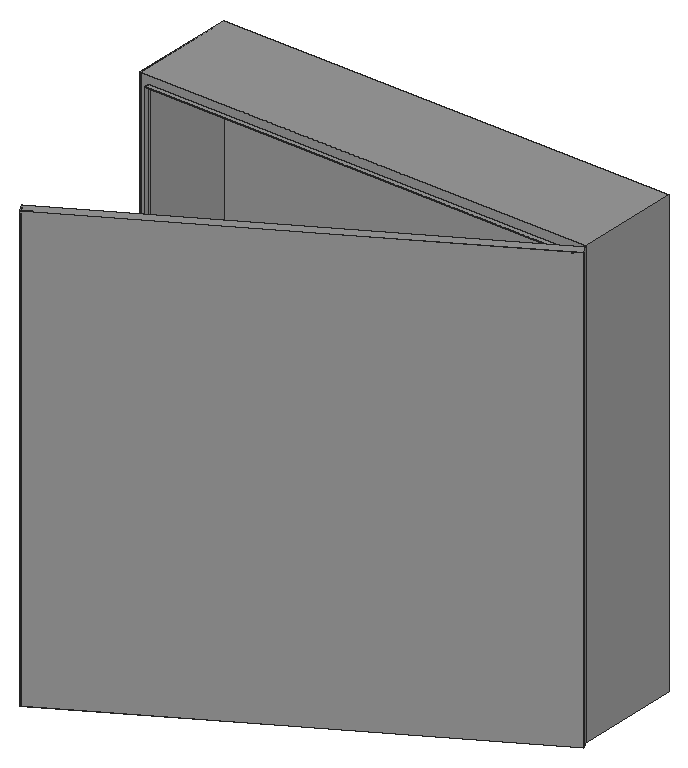
Revit family "Hager-Univers-IP44-D205-H800-Cl.II-Encl-NoHosted-BE-en", category Equipement électrique, Revit 2020
Family settings
  Configuration du panneau = Deux colonnes, circuits au sein
  Cote de connecteur circulaire = Utiliser le diamètre
  Type d'élément = Tableau de raccordement
  Basée sur le plan de construction = Oui
  Toujours verticalement = Oui
  Couper avec des vides une fois chargée = Non
  Partagée = Non
  Point de calcul de pièce = Non
Parameters (values of type "Surface mounted (plaster) IP44 W800 H800 D205  - FP53QS")
  Width Control [instance] = if([EF000008 - Width] > Min Width, [EF000008 - Width], Min Width)  # 800 mm
  Commentaires du type = [HG000003 - Range]  # "Univers"
  Thickness Door [instance] = if([EF009171 - Material plate thickness door/cover] > 3 mm, 3 mm, [EF009171 - Material plate thickness door/cover])  # 1 mm
  Seal Frame Offset [instance] = 17 mm  # constant formula
  Plinth Visibility [instance] = [HG000027 - Plinth height] > 0 mm  # no
  Min Width [instance] = 100 mm  # constant formula
  Min Depth [instance] = (2 * [EF009170 - Material plate thickness cabinet]) + 1 mm  # 3 mm
  Min Height [instance] = 100 mm  # constant formula
  Internal Frame Depth [instance] = (Door System Depth * 0.5)  # 9 mm
  Panel Name [instance] = ""  # (empty or 0)
  Model = ""
  HG000027 - Plinth height = 0 mm
  HG000026 - Floor standing = no
  HG000024 - Bottom section height = 600 mm
  HG000023 - Double section enclosure = no
  HG000016 - Door 3d visibility [instance] = yes
  HG000015 - Clearance visibility [instance] = no
  HG000014 - Door on the right [instance] = yes
  HG000013 - Door on the left [instance] = not([HG000014 - Door on the right])  # no
  HG000012 - Door swing angle [instance] = 30.00°
  HG000010 - Asymmetric doors = no
  HG000009 - Double swing door = no
  HG000006 - Flush mounted = no
  HG000004 - Manufacturer reference = "FP53QS"
  HG000003 - Range = "Univers"
  HG000002 - With door or cover = yes
  Frame Offset Bottom [instance] = 10 mm  # constant formula
  Frame Offset [instance] = 15 mm  # constant formula
  EF015940 - Cover with overpressure release = no
  EF011959 - Degree of protection (NEMA) = ""
  EF009554 - Number of openings for flange plates = 6
  EF009212 - Cover model = "EV000116 - Closed"
  EF009171 - Material plate thickness door/cover = 1 mm
  EF009170 - Material plate thickness cabinet = 1 mm
  EF008873 - Nominal current (In) = 250 A
  EF007800 - Suitable for lightning protection = no
  EF006306 - With lock = no
  EF006244 - Transparent cover/door = no
  EF005474 - Degree of protection (IP) = "EV006418 - IP44"
  EF004464 - Type of door = "EV002646 - Single"
  EF004427 - Number of modules = 180
  EF004293 - Impact strength = "EV006815 - IK09"
  EF003532 - Suitable for outdoor use = no
  EF002950 - Width in number of modular spacings = 36
  EF001613 - Circuit integrity = "EV000494 - None"
  EF001596 - Material housing = "EV000179 - Steel"
  EF001131 - Internal depth = 143 mm
  EF001088 - Extension possible = yes
  EF000437 - Number of conduit inlets = 6
  EF000339 - Type of cover = "EV001012 - Cover"
  EF000266 - Number of rows = 5
  EF000218 - Built-in depth = 0 mm
  EF000118 - With mounting plate = no
  EF000116 - RAL-number = "9010"
  EF000049 - Depth = 205 mm
  EF000040 - Height = 800 mm
  EF000008 - Width = 800 mm
  EF000007 - Colour = "EV000202 - White"
  EF000003 - Mounting method = "EV000384 - Surface mounted (plaster)"
  Door System Leaf Tolerance [instance] = 1.5 mm  # constant formula
  Door System Depth [instance] = 18 mm  # constant formula
  Door Height [instance] = Height Control - [HG000027 - Plinth height]  # 800 mm
  Description = ""
  Default Elevation = 1219.2 mm
  Connector Offset [instance] = Height Control / 2  # 400 mm
  Fabricant = "Hager"  # constant formula
  Height Control [instance] = if([EF000040 - Height] > Min Height, [EF000040 - Height], Min Height)  # 800 mm
  Depth Control [instance] = if([EF000049 - Depth] > Min Depth, [EF000049 - Depth], Min Depth)  # 205 mm
  Bottom Top Plate Trim [instance] = 1.5 mm  # constant formula
  Plinth height Ctrl [instance] = if([HG000027 - Plinth height] > 0 mm, [HG000027 - Plinth height], 12 mm)  # 12 mm
Types (5, lengths in mm): name | Width Control | HG000009 - Double swing door | HG000004 - Manufacturer reference | EF009554 - Number of openings for flange plates | EF004464 - Type of door | EF004427 - Number of modules | EF002950 - Width in number of modular spacings | EF000437 - Number of conduit inlets | EF000008 - Width
  Surface mounted (plaster) IP44 W1050 H800 D205  - FP54QS | 1050 | no | "FP54QS" | 8 | "EV003602 - Double" | 240 | 48 | 8 | 1050
  Surface mounted (plaster) IP44 W1300 H800 D205  - FP55QS | 1300 | yes | "FP55QS" | 10 | "EV003602 - Double" | 300 | 60 | 10 | 1300
  Surface mounted (plaster) IP44 W300 H800 D205  - FP51QS | 300 | no | "FP51QS" | 2 | "EV002646 - Single" | 60 | 12 | 2 | 300
  Surface mounted (plaster) IP44 W550 H800 D205  - FP52QS | 550 | no | "FP52QS" | 4 | "EV002646 - Single" | 120 | 24 | 4 | 550
  Surface mounted (plaster) IP44 W800 H800 D205  - FP53QS | 800 | no | "FP53QS" | 6 | "EV002646 - Single" | 180 | 36 | 6 | 800
Reference planes
  plane 1 "Center (Front/Back)": y = 0
  plane 2: z = 0
  plane 3 "Center (Left/Right)": x = 0
  plane 4: y = 0
  plane 5: y = 0
  plane 6: z = 0
  plane 7: x = -400
  plane 8: x = 400
  plane 9: x = 399
  plane 10: x = -399
  plane 11: z = 0
  plane 12: z = 1
  plane 13: y = -205
  plane 14: y = -1
  plane 15: x = 0
  plane 16: y = -187
  plane 17: y = -204
  plane 18: y = -186
  plane 19: x = -384
  plane 20: x = 384
  plane 21: z = 11
  plane 22: x = -383
  plane 23: x = 383
  plane 24: z = 0
  plane 25: z = 800
  plane 26: z = 800
  plane 27: z = 784
  plane 28: z = 799
Forms (mm)
  Extrusion 1, solid, material "Hager_Steel_RAL7035_Light_Grey", detail levels medium+fine
    sketch origin (-208.679, -4572, 0) x (-1, 0, 0) y (0, -1, 0)
      loop
        line (191.321, -4385) -> (-608.679, -4385) -> (-608.679, -4572) -> (191.321, -4572) -> (191.321, -4385)
    from 0 to 800
  Extrusion 2, void
    sketch origin (-350.771, -205, 1219.2) x (1, 0, 0) y (0, 0, 1)
      loop
        line (-48.229, -420.2) -> (-48.229, -1218.2) -> (749.771, -1218.2) -> (749.771, -420.2) -> (-48.229, -420.2)
    from -19 to -204
  Extrusion 3, void
    sketch origin (-290.084, -187, 1219.2) x (1, 0, 0) y (0, 0, 1)
      loop
        line (-93.916, -1208.2) -> (674.084, -1208.2) -> (674.084, -435.2) -> (-93.916, -435.2) -> (-93.916, -1208.2)
    from 0 to -1
  Extrusion 4, solid, material "Hager_Steel_RAL7035_Light_Grey", visible <- "Plinth Visibility", detail levels medium+fine
    sketch origin (0, 0, 0) x (1, 0, 0) y (0, 1, 0)
      loop
        line (-400, 0) -> (-400, -187) -> (400, -187) -> (400, 0) -> (-400, 0)
    from 0 to 12 <- "Plinth height Ctrl"
  Extrusion 5, solid, material "Hager_Steel_RAL7035_Light_Grey", detail levels coarse
    sketch origin (0, 0, 0) x (1, 0, 0) y (0, 1, 0)
      loop
        line (-400, 0) -> (-400, -205) -> (400, -205) -> (400, 0) -> (-400, 0)
    from 0 to 800 <- "Height Control"
  Sweep 6, void
    path in 3D
      loop
        line (-400, -187, 12) -> (400, -187, 12) -> (400, 0, 12) -> (-400, 0, 12) -> (-400, -187, 12)
    profile origin (-400, -93.5, 12) x (1, 0, 0) y (0, 0, 1)
      loop
        line (0, 0) -> (0, -1.5) -> (1.5, -1.5)
        arc (1.5, -1.5) -> (1.061, -0.439) -> (0, 0) r 1.5
  Extrusion 7, solid, material "Hager_Steel_RAL7035_Light_Grey", detail levels fine
    sketch origin (-400, -187, 0) x (1, 0, 0) y (0, 0, 1)
      loop
        line (16, 11) -> (784, 11) -> (784, 784) -> (16, 784) -> (16, 11)
      loop
        line (15, 10) -> (785, 10) -> (785, 785) -> (15, 785) -> (15, 10)
    from 0 to 9 <- "Internal Frame Depth"
Cuts and joins
  Extrusion 2, Extrusion 3 cuts Extrusion 1
  Sweep 6 cuts Extrusion 4
Lines and regions (mm)
  Masking region 1
    outline origin (0, 0, 0) x (1, 0, 0) y (0, 1, 0)
      loop
        line (-400, 0) -> (-400, -205) -> (400, -205) -> (400, 0) -> (-400, 0)
  Masking region 2, detail levels coarse
    outline origin (-290.084, -187, 1219.2) x (-1, 0, 0) y (0, 0, 1)
      loop
        line (-690.084, -1219.2) -> (109.916, -1219.2) -> (109.916, -419.2) -> (-690.084, -419.2) -> (-690.084, -1219.2)
  Masking region 3, detail levels coarse
    outline origin (0, 0, 0) x (0, 1, 0) y (0, 0, 1)
      loop
        line (0, 0) -> (0, 800) -> (-205, 800) -> (-205, 0) -> (0, 0)
  Masking region 4, visible <- "Plinth Visibility", detail levels medium+fine
    outline origin (0, 0, 0) x (0, 1, 0) y (0, 0, 1)
      loop
        line (-1.5, 12) -> (-185.5, 12)
        arc (-185.5, 12) -> (-185.939, 10.939) -> (-187, 10.5) r 1.5
        line (-187, 10.5) -> (-187, 0) -> (0, 0) -> (0, 10.5)
        arc (0, 10.5) -> (-1.061, 10.939) -> (-1.5, 12) r 1.5
  Masking region 5, detail levels medium+fine
    outline origin (0, 0, 594.038) x (0, 1, 0) y (0, 0, 1)
      loop
        line (0, -594.038) -> (0, 205.962) -> (-187, 205.962) -> (-187, -594.038) -> (0, -594.038)
  Masking region 6, detail levels medium+fine
    outline origin (-359.7, -187, 1211.883) x (-1, 0, 0) y (0, 0, 1)
      loop
        line (-759.7, -1211.883) -> (40.3, -1211.883) -> (40.3, -411.883) -> (-759.7, -411.883) -> (-759.7, -1211.883)
  Masking region 7, visible <- "Plinth Visibility", detail levels medium+fine
    outline origin (-320.334, -187, 1041.368) x (-1, 0, 0) y (0, 0, 1)
      loop
        line (-720.334, -1041.368) -> (79.666, -1041.368) -> (79.666, -1030.868)
        arc (79.666, -1030.868) -> (78.606, -1030.429) -> (78.166, -1029.368) r 1.5
        line (78.166, -1029.368) -> (-718.834, -1029.368)
        arc (-718.834, -1029.368) -> (-719.273, -1030.429) -> (-720.334, -1030.868) r 1.5
        line (-720.334, -1030.868) -> (-720.334, -1041.368)
  sketch lines
    curve 1: line (-400, 0, 12) -> (-400, -187, 12)
    curve 2: line (-400, -187, 12) -> (400, -187, 12)
    curve 3: line (400, 0, 12) -> (-400, 0, 12)
    curve 4: line (400, -187, 12) -> (400, 0, 12)
Dimensions and locks
  locked: plane 1 "Center (Front/Back)" to plane 5
  "EF009170 - Material plate thickness cabinet": plane 7 to plane 10
  "EF009170 - Material plate thickness cabinet": plane 8 to plane 9
  equal spacing: plane 7, plane 3 "Center (Left/Right)", plane 8
  "Width Control": plane 7 to plane 8
  "Depth Control": plane 4 to plane 13
  "EF009170 - Material plate thickness cabinet": plane 4 to plane 14
  "Height Control": plane 25 to level
  "HG000027 - Plinth height": plane 11 to level
  "EF009170 - Material plate thickness cabinet": plane 12 to plane 11
  "EF009170 - Material plate thickness cabinet": plane 17 to plane 13
  "EF009170 - Material plate thickness cabinet": plane 18 to plane 16
  "Frame Offset Bottom": plane 21 to plane 12
  "Frame Offset": plane 10 to plane 19
  "Frame Offset": plane 9 to plane 20
  "Door System Depth": plane 16 to plane 13
  "Seal Frame Offset": plane 7 to plane 22
  "Seal Frame Offset": plane 8 to plane 23
  "EF009170 - Material plate thickness cabinet": plane 26 to plane 28
  "Frame Offset": plane 28 to plane 27
  "Connector Offset": plane 2 to connector elem
  "Bottom Top Plate Trim": profile plane to Sweep 6 sketch curve
  "Bottom Top Plate Trim": Sweep 6 sketch curve to Sweep 6 sketch curve
  "Plinth height Ctrl": Masking region 4 sketch curve to level
  "Plinth height Ctrl": Masking region 7 sketch curve to level
  "Thickness Door": Extrusion 7 sketch curve to Extrusion 7 sketch curve  (x4)
  "Bottom Top Plate Trim": radius of Sweep 6 sketch curve
  "Bottom Top Plate Trim": radius of Masking region 4 sketch curve  (x2)
  "Bottom Top Plate Trim": radius of Masking region 7 sketch curve  (x2)
  aligned and locked: Extrusion 2 sketch curve to plane 12
  aligned and locked: Extrusion 2 sketch curve to plane 9
  aligned and locked: Extrusion 2 sketch curve to plane 10
  aligned and locked: Extrusion 2 to plane 14
  aligned and locked: Extrusion 1 sketch curve to plane 4
  aligned and locked: plane 8 to Extrusion 1 sketch curve
  aligned and locked: plane 7 to Extrusion 1 sketch curve
  aligned and locked: Extrusion 2 to plane 18
  aligned and locked: Extrusion 3 sketch curve to plane 19
  aligned and locked: plane 20 to Extrusion 3 sketch curve
  aligned and locked: Extrusion 3 to Extrusion 2
  aligned and locked: Extrusion 3 sketch curve to plane 21
  aligned and locked: plane 3 "Center (Left/Right)" to nested 1
  aligned and locked: Extrusion 1 sketch curve to plane 16
  aligned and locked: Extrusion 4 sketch curve to cut or joined group of Extrusion 1, Extrusion 2, Extrusion 3
  aligned and locked: Masking region 1 sketch curve to plane 7
  aligned and locked: Masking region 1 sketch curve to plane 5
  aligned and locked: Masking region 1 sketch curve to plane 8
  aligned and locked: Masking region 2 sketch curve to level
  aligned and locked: level to Masking region 3 sketch curve
  aligned and locked: plane 1 "Center (Front/Back)" to Masking region 3 sketch curve
  aligned and locked: plane 13 to Masking region 3 sketch curve
  aligned and locked: plane 5 to Masking region 4 sketch curve
  aligned and locked: Masking region 2 sketch curve to plane 8
  aligned and locked: Masking region 2 sketch curve to plane 7
  aligned and locked: plane 7 to nested 2
  aligned and locked: nested 2 to plane 5
  aligned and locked: plane 5 to Masking region 5 sketch curve
  aligned and locked: plane 26 to Masking region 5 sketch curve
  aligned and locked: Extrusion 5 sketch curve to plane 8
  aligned and locked: Extrusion 5 sketch curve to plane 7
  aligned and locked: Extrusion 5 sketch curve to plane 5
  aligned and locked: Extrusion 3 sketch curve to plane 27
  aligned and locked: Extrusion 2 sketch curve to plane 28
  aligned and locked: Masking region 2 to plane 25
  aligned and locked: Extrusion 4 to plane 16
  aligned and locked: profile plane to Sweep 6 sketch curve
  aligned and locked: Masking region 5 sketch curve to plane 24
  aligned and locked: level to Masking region 4 sketch curve
  aligned and locked: Masking region 1 to plane 13
  aligned and locked: nested 1 to plane 16
  aligned and locked: Masking region 3 to plane 25
  aligned and locked: plane 16 to Masking region 4 sketch curve
  aligned and locked: Masking region 5 sketch curve to plane 16
  aligned and locked: plane 24 to plane 11
  aligned and locked: plane 26 to plane 25
  aligned and locked: plane 26 to cut or joined group of Extrusion 1, Extrusion 2, Extrusion 3
  aligned and locked: nested 1 to plane 24
  aligned and locked: Extrusion 1 to Extrusion 3
  aligned and locked: Masking region 6 sketch curve to plane 8
  aligned and locked: Masking region 6 sketch curve to plane 24
  aligned and locked: Masking region 6 sketch curve to plane 7
  aligned and locked: Masking region 6 sketch curve to plane 26
  aligned and locked: Masking region 7 sketch curve to plane 7
  aligned and locked: level to Masking region 7 sketch curve
  aligned and locked: Masking region 7 sketch curve to plane 8
  aligned and locked: Extrusion 7 sketch curve to cut or joined group of Extrusion 1, Extrusion 2, Extrusion 3  (x4)
Automatic sketch dimensions
  plane 19 to Extrusion 3 sketch curve = 0 mm
  Extrusion 3 sketch curve to plane 20 = 0 mm
  Extrusion 3 sketch curve to plane 21 = 0 mm
  Extrusion 4 sketch curve to plane 7 = 0 mm
  Extrusion 4 sketch curve to plane 8 = 0 mm
  Extrusion 4 sketch curve to plane 16 = 0 mm
  Masking region 1 sketch curve to plane 13 = 0 mm
  Masking region 2 sketch curve to plane 25 = 0 mm
  Masking region 3 sketch curve to plane 25 = 0 mm
  Extrusion 5 sketch curve to plane 13 = 0 mm
  profile plane to Sweep 6 sketch curve = 0 mm
Nested families
  nested 1: "EC000058_Univers_Door" at (0, -187, 0), Double <- "HG000009 - Double swing door", Transparent <- "EF006244 - Transparent cover/door", Angle <- "HG000012 - Door swing angle", Door_Right <- "HG000014 - Door on the right", Assymetrical <- "HG000010 - Asymmetric doors", Door <- "HG000002 - With door or cover", Width_Ctrl <- "Width Control", 3d_Door <- "HG000016 - Door 3d visibility", Clearance <- "HG000015 - Clearance visibility", Door_Left <- "HG000013 - Door on the left", Width <- "Width Control", Door_Depth <- "Door System Depth", Leaf_Tolerance <- "Door System Leaf Tolerance", Height <- "Door Height", Lock_Visibility <- "EF006306 - With lock", Thickness <- "Thickness Door", type "EC000058_Univers_Door", detail levels medium+fine
    with min_wh 3 mm, Width_Ctrl 800 mm, Width 800 mm, Transparent no, Thickness 1 mm, Seal_Material Hager_Rubber, Lock_Visibility no, Lock_Material Hager_Plastic_RAL9005_Jet_Black, Leaf_Width 800 mm, Leaf_Tolerance_External_Sides 0 mm, Leaf_Tolerance 1.5 mm, Leaf_Offset 0 mm, Leaf_Height 797 mm, Leaf_2_Width 800 mm, Leaf_2_Offset 400 mm, Leaf_1_Width 800 mm, Leaf_1_Offset 400 mm, Height_Ctrl 800 mm, Height 800 mm, Glass_Material Hager_Glass, Double_Clearance_Ctrl no, Double no, Door_Right_Ctrl yes, Door_Right yes, Door_Material Hager_Steel_RAL7035_Light_Grey, Door_Left_Ctrl no, Door_Left no, Door_Depth 18 mm, Door yes, Clearance_Material Hager_Clearance, Clearance_Depth 800 mm, Clearance_Ctrl no, Clearance no, Assymetrical no, Angle 30.00°, 3d_Door yes
  nested 2: "Hager_Enclosure_Symbol" at (-400, 0, 0), Height <- "Depth Control", Width <- "Width Control", type "Hager_Enclosure_Symbol"
    with Width_Ctrl 800 mm, Width 800 mm, Height_Ctrl 205 mm, Height 205 mm, A_Width_Int 13.453 mm, A_Width 161.438 mm, A_Height_Ctrl 179.375 mm, A_Height 179.375 mm
Connectors
  electrical at (0, 0, 400)
    settings: on plane 1 "Center (Front/Back)", index 1, voltage 0 V, apparent load 0 VA, apparent load phase1 0 VA, apparent load phase2 0 VA, apparent load phase3 0 VA, power factor 1, load classification "Other", number of poles 1, system type 30, power factor state 1, is connector primary yes, connector utility no, sub classification motor no, connector description ""
Definition of nested family "EC000058_Univers_Door"
  Parameters (values of type "EC000058_Univers_Door")
    min_wh [instance] = (2 * Thickness) + 1 mm  # 11 mm
    Width_Ctrl [instance] = 400 mm
    Width [instance] = 500 mm
    Transparent [instance] = yes
    Thickness [instance] = 5 mm
    Seal_Material [instance] = none
    Lock_Visibility [instance] = yes
    Lock_Material [instance] = none
    Leaf_Width [instance] = if((Width_Ctrl - 2 * Leaf_Tolerance_External_Sides) > 0 mm, (Width_Ctrl - 2 * Leaf_Tolerance_External_Sides), min_wh)  # 400 mm
    Leaf_Tolerance_External_Sides [instance] = 0 mm  # constant formula
    Leaf_Tolerance [instance] = 1.5 mm
    Leaf_Offset [instance] = 0 mm  # constant formula
    Leaf_Height [instance] = if((Height_Ctrl - 2 * Leaf_Tolerance) > 0 mm, (Height_Ctrl - 2 * Leaf_Tolerance), min_wh)  # 497 mm
    Leaf_2_Width [instance] = if(and(and(Double, Assymetrical), Door_Left), (Leaf_Width / 3) - (Leaf_Tolerance / 2), if(and(and(Double, Assymetrical), Door_Right), (Leaf_Width / 3) * 2 - (Leaf_Tolerance / 2), if(and(Double, not(Assymetrical)), (Leaf_Width / 2) - Leaf_Tolerance, Leaf_Width)))  # 400 mm
    Leaf_2_Offset [instance] = if(and(Double, Assymetrical), Leaf_2_Width / 2, if(and(Double, not(Assymetrical)), Leaf_Width / 4, Leaf_Width / 2))  # 200 mm
    Leaf_1_Width [instance] = if(and(and(Double, Assymetrical), Door_Right), (Leaf_Width / 3) - (Leaf_Tolerance / 2), if(and(and(Double, Assymetrical), Door_Left), (Width / 3) * 2 - (Leaf_Tolerance / 2), if(and(Double, not(Assymetrical)), (Leaf_Width / 2) - Leaf_Tolerance, Leaf_Width)))  # 400 mm
    Leaf_1_Offset [instance] = if(and(Double, Assymetrical), Leaf_1_Width / 2, if(and(Double, not(Assymetrical)), Leaf_Width / 4, Leaf_Width / 2))  # 200 mm
    Height_Ctrl [instance] = if(Height > min_wh, Height, min_wh)  # 500 mm
    Height [instance] = 500 mm
    Glass_Material [instance] = none
    Double_Clearance_Ctrl [instance] = and(Double, Clearance)  # no
    Double [instance] = no
    Door_Right_Ctrl [instance] = and(or(Door_Right, Double), Door)  # yes
    Door_Right [instance] = yes
    Door_Material [instance] = none
    Door_Left_Ctrl [instance] = and(or(Door_Left, Double), Door)  # no
    Door_Left [instance] = no
    Door_Depth [instance] = 30 mm
    Door [instance] = yes
    Default Elevation = 1219.2 mm
    Clearance_Material [instance] = none
    Clearance_Depth [instance] = if(Leaf_1_Width > Leaf_2_Width, Leaf_1_Width, Leaf_2_Width)  # 400 mm
    Clearance_Ctrl [instance] = and(not(Double), Clearance)  # yes
    Clearance [instance] = yes
    Assymetrical [instance] = yes
    Angle [instance] = 30.00°
    3d_Door [instance] = yes
  Reference planes
    plane 1 "Center (Front/Back)": y = 0
    plane 2 "Bottom": z = 0
    plane 3 "Center (Left/Right)": x = 0
    plane 4: z = 500
    plane 5: x = -200
    plane 6: x = 200
    plane 7: z = 500
    plane 8: x = -200
    plane 9: z = 0
    plane 10: x = 200
    plane 11: y = 0
    plane 12: z = 1.5
    plane 13: x = -600
    plane 14: y = -400
    plane 15: x = 600
    plane 16: x = 0
    plane 17: x = 0
    plane 18: x = -200
    plane 19: x = 200
    plane 20: z = 498.5
  Forms (mm)
    Extrusion 1, solid, material <- "Clearance_Material", visible <- "Double_Clearance_Ctrl"
      sketch origin (1200, 0, 0) x (1, 0, 0) y (0, 0, -1)
        loop
          line (-1800, -498.5) -> (-600, -498.5) -> (-600, 0) -> (-1800, 0) -> (-1800, -498.5)
      from 0 to -400
  Dimensions and locks
    equal spacing: plane 5, plane 3 "Center (Left/Right)", plane 6
    "Width_Ctrl": plane 5 to plane 6
    "Leaf_Offset": plane 5 to plane 8
    "Leaf_Offset": plane 6 to plane 10
    "Leaf_Offset": plane 9 to level
    "Leaf_Offset": plane 4 to plane 7
    "Height_Ctrl": plane 4 to level
    "Leaf_Tolerance": plane 12 to plane 9
    locked: plane 11 to plane 1 "Center (Front/Back)"
    "Leaf_1_Offset": plane 18 to plane 16
    "Leaf_2_Offset": plane 17 to plane 19
    "Leaf_1_Width": plane 13 to plane 8
    "Leaf_2_Width": plane 10 to plane 15
    "Clearance_Depth": plane 14 to plane 1 "Center (Front/Back)"
    "Leaf_Tolerance_External_Sides": plane 8 to plane 18
    "Leaf_Tolerance_External_Sides": plane 19 to plane 10
    "Leaf_Tolerance": plane 7 to plane 20
    aligned and locked: level to plane 2 "Bottom"
    aligned and locked: nested 1 to plane 16
    aligned and locked: nested 2 to plane 17
    aligned and locked: Extrusion 1 to plane 13
    aligned and locked: plane 15 to Extrusion 1
    aligned and locked: Extrusion 1 to plane 14
    aligned and locked: plane 12 to nested 1
    aligned and locked: nested 2 to plane 12
    aligned and locked: Extrusion 1 to plane 11
    aligned and locked: plane 20 to Extrusion 1
    aligned and locked: nested 2 to plane 11
    aligned and locked: nested 1 to plane 11
  Automatic sketch dimensions
    Extrusion 1 sketch curve to level = 0 mm
    plane 5 to Extrusion 1 sketch curve = 400 mm
    plane 6 to Extrusion 1 sketch curve = 400 mm
    Extrusion 1 sketch curve to plane 4 = 1.5 mm
  Nested families
    nested 1: "EC000058_Univers_Door_Leaf" at (0, 0, 1.5), Width <- "Leaf_1_Width", visible <- "Door_Left_Ctrl", Leaf_Height <- "Leaf_Height", Angle <- "Angle", 3d_Door <- "3d_Door", Transparent <- "Transparent", Clearance Material <- "Clearance_Material", Clearance <- "Clearance_Ctrl", Door_Material <- "Door_Material", Glass_Material <- "Glass_Material", Door_Depth <- "Door_Depth", Lock_Material <- "Lock_Material", Seal_Material <- "Seal_Material", Lock_Visibility <- "Lock_Visibility", Thickness <- "Thickness", type "EC000058_Univers_Door_Leaf"
      with Width 400 mm, Transparent_Glass_Offset 30 mm, Transparent_Ctrl yes, Transparent yes, Thickness 5 mm, Standard no, Seal_Material none, Seal_D2 8 mm, Seal_D1 1 mm, Offset_Internal_Frame 10 mm, Lock_Width 20 mm, Lock_Visibility_3d yes, Lock_Visibility yes, Lock_Thickness_3 3 mm, Lock_Thickness_2 1 mm, Lock_Thickness_1 3 mm, Lock_Radius_Offset_2 16 mm, Lock_Radius_Offset_1 15 mm, Lock_Radius_2 5 mm, Lock_Radius 6 mm, Lock_Offset 5 mm, Lock_Material none, Lock_Height 80 mm, Lock_Cover_Top_Offset_2d 17 mm, Lock_Cover_Height -65 mm, Leaf_Height 497 mm, Internal_Seal_Thickness 8 mm, Internal_Seal_Depth_2 4.5 mm, Internal_Frame_Depth 25 mm, Glass_Thickness -1 mm, Glass_Offset -2 mm, Glass_Material none, Door_Material none, Door_Depth 30 mm, Clearance Material none, Clearance yes, Angle_Ctrl 30.00°, Angle 30.00°, 3d_Door yes
    nested 2: "EC000058_Univers_Door_Leaf" at (0, 0, 1.5) x (-1, 0, 0) z (0, 0, 1), Width <- "Leaf_2_Width", visible <- "Door_Right_Ctrl", Leaf_Height <- "Leaf_Height", Angle <- "Angle", 3d_Door <- "3d_Door", Transparent <- "Transparent", Clearance Material <- "Clearance_Material", Clearance <- "Clearance_Ctrl", Door_Material <- "Door_Material", Glass_Material <- "Glass_Material", Door_Depth <- "Door_Depth", Lock_Material <- "Lock_Material", Seal_Material <- "Seal_Material", Lock_Visibility <- "Lock_Visibility", Thickness <- "Thickness", type "EC000058_Univers_Door_Leaf"
      with Width 400 mm, Transparent_Glass_Offset 30 mm, Transparent_Ctrl yes, Transparent yes, Thickness 5 mm, Standard no, Seal_Material none, Seal_D2 8 mm, Seal_D1 1 mm, Offset_Internal_Frame 10 mm, Lock_Width 20 mm, Lock_Visibility_3d yes, Lock_Visibility yes, Lock_Thickness_3 3 mm, Lock_Thickness_2 1 mm, Lock_Thickness_1 3 mm, Lock_Radius_Offset_2 16 mm, Lock_Radius_Offset_1 15 mm, Lock_Radius_2 5 mm, Lock_Radius 6 mm, Lock_Offset 5 mm, Lock_Material none, Lock_Height 80 mm, Lock_Cover_Top_Offset_2d 17 mm, Lock_Cover_Height -65 mm, Leaf_Height 497 mm, Internal_Seal_Thickness 8 mm, Internal_Seal_Depth_2 4.5 mm, Internal_Frame_Depth 25 mm, Glass_Thickness -1 mm, Glass_Offset -2 mm, Glass_Material none, Door_Material none, Door_Depth 30 mm, Clearance Material none, Clearance yes, Angle_Ctrl 30.00°, Angle 30.00°, 3d_Door yes
  Definition of nested family "EC000058_Univers_Door_Leaf"
    Parameters (values of type "EC000058_Univers_Door_Leaf")
      Width [instance] = 2000 mm
      Transparent_Glass_Offset [instance] = 30 mm
      Transparent_Ctrl [instance] = and(Transparent, [3d_Door])  # yes
      Transparent [instance] = yes
      Thickness [instance] = 5 mm
      Standard [instance] = and(not(Transparent), [3d_Door])  # no
      Seal_Material [instance] = none
      Seal_D2 [instance] = 8 mm  # constant formula
      Seal_D1 [instance] = 1 mm  # constant formula
      Offset_Internal_Frame [instance] = 10 mm  # constant formula
      Lock_Width [instance] = 20 mm  # constant formula
      Lock_Visibility_3d [instance] = and(Lock_Visibility, [3d_Door])  # yes
      Lock_Visibility [instance] = yes
      Lock_Thickness_3 [instance] = 3 mm  # constant formula
      Lock_Thickness_2 [instance] = 1 mm  # constant formula
      Lock_Thickness_1 [instance] = 3 mm  # constant formula
      Lock_Radius_Offset_2 [instance] = Lock_Radius_Offset_1 + 1 mm  # 16 mm
      Lock_Radius_Offset_1 [instance] = 15 mm  # constant formula
      Lock_Radius_2 [instance] = Lock_Radius - 1 mm  # 5 mm
      Lock_Radius [instance] = 6 mm  # constant formula
      Lock_Offset [instance] = 5 mm  # constant formula
      Lock_Material [instance] = none
      Lock_Height [instance] = 80 mm  # constant formula
      Lock_Cover_Top_Offset_2d [instance] = Lock_Radius_Offset_2 + 1 mm  # 17 mm
      Lock_Cover_Height [instance] = -(Lock_Height - Lock_Radius_Offset_1)  # -65 mm
      Leaf_Height [instance] = 2720.336 mm
      Internal_Seal_Thickness [instance] = 8 mm  # constant formula
      Internal_Seal_Depth_2 [instance] = 4.5 mm  # constant formula
      Internal_Frame_Depth [instance] = if(Door_Depth - Thickness > 5 mm, Door_Depth - Thickness, 5 mm)  # 25 mm
      Glass_Thickness [instance] = if(Thickness > 15 mm, Glass_Offset + 10 mm, -1 mm)  # -1 mm
      Glass_Offset [instance] = if(Thickness > 15 mm, -(Thickness + 10 mm) / 2, -2 mm)  # -2 mm
      Glass_Material [instance] = none
      Door_Material [instance] = none
      Door_Depth [instance] = 30 mm
      Default Elevation = 0 mm
      Clearance Material [instance] = none
      Clearance [instance] = yes
      Angle_Ctrl [instance] = if(Angle > 180.00°, 180.00°, Angle)  # 90.00°
      Angle [instance] = 90.00°
      3d_Door [instance] = yes
    Reference planes
      plane 1 "Center (Front/Back)": y = 0
      plane 2: z = 0
      plane 3 "Center (Left/Right)": x = 0
      plane 4: y = 2000
      plane 5: x = -1000
      plane 6: x = 1000
      plane 7: x = -3000
      plane 8: z = 2720.336
      plane 9: z = 30
      plane 10: z = 2690.336
      plane 11: x = 970
      plane 12: x = -970
      plane 13: y = -3
      plane 14: z = 107.833
      plane 15: y = -5
      plane 16: y = -223.314
      plane 17: x = -1000
      plane 18: z = 1360.168
      plane 19: y = 30
    Forms (mm)
      Extrusion 1, solid, material <- "Clearance Material", visible <- "Clearance"
        sketch origin (0, 0, 0) x (1, 0, 0) y (0, 0, 1)
          loop
            line (-3000, 2720.336) -> (-3000, 0) -> (1000, 0) -> (1000, 2720.336) -> (-3000, 2720.336)
        from 0 to -2000
      Extrusion 2, solid, material <- "Door_Material", visible <- "Standard", detail levels medium+fine
        sketch origin (-1000, 0, 0) x (0, 1, 0) y (-1, 0, 0)
          loop
            line (0, 30) -> (0, 25) -> (2000, 25) -> (2000, 30) -> (0, 30)
        from 0 to 2720.336 <- "Leaf_Height"
      Extrusion 3, solid, material <- "Door_Material", visible <- "Transparent_Ctrl", detail levels medium+fine
        sketch origin (-1000, 0, 0) x (0, 1, 0) y (-1, 0, 0)
          loop
            line (0, 25) -> (2000, 25) -> (2000, 30) -> (0, 30) -> (0, 25)
        from 0 to 2720.336 <- "Leaf_Height"
      Extrusion 4, void
        sketch origin (-1025, 2000, 0) x (0, 1, 0) y (0, 0, -1)
          loop
            line (-30, -2690.336) -> (-30, -30) -> (-1970, -30) -> (-1970, -2690.336) -> (-30, -2690.336)
        from 0 to 5 <- "Thickness"
      Sweep 5, solid, material <- "Seal_Material", visible <- "Transparent_Ctrl", detail levels fine
        path in 3D
          loop
            line (-1025, 30, 30) -> (-1025, 30, 2690.336) -> (-1025, 1970, 2690.336) -> (-1025, 1970, 30) -> (-1025, 30, 30)
        profile origin (-1025, 1000, 30) x (1, 0, 0) y (0, 0, 1)
          loop
            line (0, 0) -> (0, -8) -> (1, -8) -> (1, 0) -> (0, 0)
      Extrusion 6, solid, material <- "Glass_Material", visible <- "Transparent_Ctrl", detail levels medium+fine
        sketch origin (-1030, 0, 0) x (0, 1, 0) y (0, 0, -1)
          loop
            line (1970, -2690.336) -> (1970, -30) -> (30, -30) -> (30, -2690.336) -> (1970, -2690.336)
        from -2 <- "Glass_Offset" to -1 <- "Glass_Thickness"
      Extrusion 7, solid, material <- "Door_Material", visible <- "3d_Door", detail levels medium+fine
        sketch origin (-1025, 2000, 0) x (0, -1, 0) y (0, 0, -1)
          loop
            line (0, -2720.336) -> (2000, -2720.336) -> (2000, 0) -> (0, 0) -> (0, -2720.336)
          loop
            line (1995, -5) -> (5, -5) -> (5, -2715.336) -> (1995, -2715.336) -> (1995, -5)
        from 0 to 25 <- "Internal_Frame_Depth"
      Sweep 8, solid, material <- "Seal_Material", visible <- "Transparent_Ctrl", detail levels fine
        path in 3D
          loop
            line (-1025, 0, 0) -> (-1025, 2000, 0) -> (-1025, 2000, 2720.336) -> (-1025, 0, 2720.336) -> (-1025, 0, 0)
        profile origin (-1025, 0, 1360.168) x (1, 0, 0) y (0, 1, 0)
          loop
            line (0, 10) -> (2.975, 10)
            arc (2.975, 10) -> (4.053, 10.447) -> (4.5, 11.525) r 1.525
            line (4.5, 11.525) -> (4.5, 16.527)
            arc (4.5, 16.527) -> (4.069, 17.569) -> (3.027, 18) r 1.473
            line (3.027, 18) -> (0, 18) -> (0, 10)
      Extrusion 9, solid, material <- "Lock_Material", visible <- "Lock_Visibility_3d", detail levels fine
        sketch origin (-1030, 0, 0) x (0, 1, 0) y (0, 0, -1)
          loop
            arc (1993.5, -1400.168) -> (1994.561, -1399.729) -> (1995, -1398.668) r 1.5
            line (1995, -1398.668) -> (1995, -1320.168) -> (1975, -1320.168) -> (1975, -1398.668)
            arc (1975, -1398.668) -> (1975.439, -1399.729) -> (1976.5, -1400.168) r 1.5
            line (1976.5, -1400.168) -> (1993.5, -1400.168)
        from 3 <- "Lock_Thickness_1" to 0
      Blend 10, solid, material <- "Lock_Material", visible <- "Lock_Visibility_3d", detail levels fine
        base sketch origin (-1033, 0, 0) x (0, 1, 0) y (0, 0, -1)
          loop
            line (1975, -1320.168) -> (1975, -1398.668)
            arc (1975, -1398.668) -> (1975.439, -1399.729) -> (1976.5, -1400.168) r 1.5
            line (1976.5, -1400.168) -> (1993.5, -1400.168)
            arc (1993.5, -1400.168) -> (1994.561, -1399.729) -> (1995, -1398.668) r 1.5
            line (1995, -1398.668) -> (1995, -1320.168) -> (1975, -1320.168)
        top sketch origin (-1033, 0, 0) x (0, 1, 0) y (0, 0, -1)
          loop
            line (1976, -1320.168) -> (1976, -1398.668)
            arc (1976, -1398.668) -> (1976.146, -1399.022) -> (1976.5, -1399.168) r 0.5
            line (1976.5, -1399.168) -> (1993.5, -1399.168)
            arc (1993.5, -1399.168) -> (1993.854, -1399.022) -> (1994, -1398.668) r 0.5
            line (1994, -1398.668) -> (1994, -1320.168) -> (1976, -1320.168)
        from 0 to 1 <- "Lock_Thickness_2"
      Blend 11, solid, material <- "Lock_Material", visible <- "Lock_Visibility_3d", detail levels fine
        base sketch origin (-1034, 0, 0) x (0, 1, 0) y (0, 0, -1)
          loop
            line (1978, -1320.168) -> (1978, -1384.168)
            arc (1978, -1384.168) -> (1985, -1391.168) -> (1992, -1384.168) r 7
            line (1992, -1384.168) -> (1992, -1320.168) -> (1978, -1320.168)
        top sketch origin (-1034, 0, 0) x (0, 1, 0) y (0, 0, -1)
          loop
            line (1991, -1320.168) -> (1979, -1320.168) -> (1979, -1383.168)
            arc (1979, -1383.168) -> (1985, -1389.168) -> (1991, -1383.168) r 6
            line (1991, -1383.168) -> (1991, -1320.168)
        from 0 to 3 <- "Lock_Thickness_3"
      Extrusion 12, solid, material <- "Lock_Material", visible <- "Lock_Visibility_3d", detail levels fine
        sketch origin (-1030, 1975, 1320.168) x (1, 0, 0) y (0, -1, 0)
          loop
            line (-7, -19) -> (-7, -1) -> (0, -1) -> (0, 0) -> (-8, 0) -> (-8, -20) -> (0, -20) -> (0, -19) -> (-7, -19)
        from 0 to -65 <- "Lock_Cover_Height"
      Extrusion 13, void
        sketch origin (-1038, 1995, 1320.168) x (-1, 0, 0) y (0, 0, -1)
          loop
            line (-5, -65) -> (0, -65) -> (-5, -60) -> (-5, -65)
        from 0 to 20 <- "Lock_Width"
      Extrusion 14, void
        sketch origin (-1038, 1975, 1320.168) x (0, -1, 0) y (0, 0, -1)
          loop
            circle (-10, -15.995) r 6
          loop
            circle (-10, -15.995) r 5
        from 0 to 2
      Extrusion 15, solid, material <- "Lock_Material", visible <- "Lock_Visibility_3d", detail levels medium
        sketch origin (-1030, 0, 0) x (0, 1, 0) y (0, 0, -1)
          loop
            arc (1993.5, -1400.168) -> (1994.561, -1399.729) -> (1995, -1398.668) r 1.5
            line (1995, -1398.668) -> (1995, -1320.168) -> (1975, -1320.168) -> (1975, -1398.668)
            arc (1975, -1398.668) -> (1975.439, -1399.729) -> (1976.5, -1400.168) r 1.5
            line (1976.5, -1400.168) -> (1993.5, -1400.168)
        from 8 to 0
    Cuts and joins
      Extrusion 4 cuts Extrusion 3
      Extrusion 13, Extrusion 14 cuts Extrusion 9
      Extrusion 14 cuts Blend 11
      Extrusion 13, Extrusion 14 cuts Extrusion 12
      joined: Extrusion 9, Blend 10, Blend 11, Extrusion 12
      Extrusion 14 cuts Extrusion 15
    Lines and regions (mm)
      Masking region 1, visible <- "Lock_Visibility", detail levels fine
        outline origin (0, 0, 0) x (0, 1, 0) y (0, 0, 1)
          loop
            line (30, 1320.168) -> (33, 1320.168) -> (33, 1400.168) -> (30, 1400.168) -> (30, 1320.168)
      Masking region 2, visible <- "Lock_Visibility", detail levels fine
        outline origin (0, 3.143, 0) x (0, 1, 0) y (0, 0, 1)
          loop
            line (29.857, 1354.168) -> (30.857, 1354.168) -> (30.857, 1366.168) -> (29.857, 1366.168) -> (29.857, 1354.168)
      Masking region 3, detail levels medium+fine
        outline origin (0, 0, 0) x (0, 1, 0) y (0, 0, 1)
          loop
            line (0, 0) -> (30, 0) -> (30, 2720.336) -> (0, 2720.336) -> (0, 0)
      Masking region 4, detail levels medium+fine
        outline origin (0, 0, 0) x (1, 0, 0) y (0, 0, 1)
          loop
            line (-1000, 2720.336) -> (-1000, 0) -> (1000, 0) -> (1000, 2720.336) -> (-1000, 2720.336)
      Masking region 5, visible <- "Lock_Visibility", detail levels fine
        outline origin (-47.116, 0, 0) x (1, 0, 0) y (0, 0, 1)
          loop
            arc (1024.616, 1399.168) -> (1023.556, 1398.729) -> (1023.116, 1397.668) r 1.5
            line (1023.116, 1397.668) -> (1023.116, 1320.168) -> (1041.116, 1320.168) -> (1041.116, 1397.668)
            arc (1041.116, 1397.668) -> (1040.677, 1398.729) -> (1039.616, 1399.168) r 1.5
            line (1039.616, 1399.168) -> (1024.616, 1399.168)
      Masking region 6, visible <- "Lock_Visibility", detail levels medium+fine
        outline origin (-25, 0, 0) x (1, 0, 0) y (0, 0, 1)
          loop
            arc (1001.5, 1400.168) -> (1000.439, 1399.729) -> (1000, 1398.668) r 1.5
            line (1000, 1398.668) -> (1000, 1320.168) -> (1020, 1320.168) -> (1020, 1398.668)
            arc (1020, 1398.668) -> (1019.561, 1399.729) -> (1018.5, 1400.168) r 1.5
            line (1018.5, 1400.168) -> (1001.5, 1400.168)
      Masking region 7, visible <- "Lock_Visibility", detail levels fine
        outline origin (-73.735, 0, 0) x (1, 0, 0) y (0, 0, 1)
          loop
            line (1051.735, 1382.168) -> (1065.735, 1382.168) -> (1065.735, 1384.168)
            arc (1065.735, 1384.168) -> (1058.735, 1391.168) -> (1051.735, 1384.168) r 7
            line (1051.735, 1384.168) -> (1051.735, 1382.168)
      Masking region 8, visible <- "Lock_Visibility", detail levels fine
        outline origin (-73.735, 0, 0) x (1, 0, 0) y (0, 0, 1)
          loop
            line (1052.735, 1382.168) -> (1064.735, 1382.168) -> (1064.735, 1383.168)
            arc (1064.735, 1383.168) -> (1058.735, 1389.168) -> (1052.735, 1383.168) r 6
            line (1052.735, 1383.168) -> (1052.735, 1382.168)
      Masking region 9, visible <- "Lock_Visibility", detail levels fine
        outline origin (-25, 0, 0) x (1, 0, 0) y (0, 0, 1)
          loop
            line (1020, 1320.168) -> (1020, 1382.168) -> (1000, 1382.168) -> (1000, 1320.168) -> (1020, 1320.168)
      Masking region 10, detail levels medium+fine
        outline origin (0, 0, 0) x (1, 0, 0) y (0, 0, 1)
          loop
            circle (985, 1335.144) r 6
      Masking region 11, detail levels fine
        outline origin (0, 0, 0) x (1, 0, 0) y (0, 0, 1)
          loop
            circle (985, 1335.144) r 5
      Masking region 12, visible <- "Lock_Visibility", detail levels fine
        outline origin (0, 12.767, 0) x (0, 1, 0) y (0, 0, 1)
          loop
            line (20.233, 1320.168) -> (21.233, 1320.168) -> (21.233, 1399.168) -> (20.233, 1400.168) -> (20.233, 1320.168)
      Masking region 13, visible <- "Lock_Visibility", detail levels fine
        outline origin (0, 13.767, -10) x (0, 1, 0) y (0, 0, 1)
          loop
            line (20.233, 1330.168) -> (23.233, 1330.168) -> (23.233, 1399.168) -> (20.233, 1402.168) -> (20.233, 1330.168)
      Masking region 14, visible <- "Lock_Visibility", detail levels fine
        outline origin (0, 12.767, -10) x (0, 1, 0) y (0, 0, 1)
          loop
            line (20.233, 1330.168) -> (25.233, 1330.168) -> (25.233, 1399.305) -> (20.233, 1394.305) -> (20.233, 1330.168)
      Masking region 15, visible <- "Lock_Visibility", detail levels medium
        outline origin (0, 0, 0) x (0, 1, 0) y (0, 0, 1)
          loop
            line (30, 1320.168) -> (38, 1320.168) -> (38, 1400.168) -> (30, 1400.168) -> (30, 1320.168)
      Masking region 16, visible <- "Lock_Visibility", detail levels fine
        outline origin (-1000, 0, 0) x (0, 1, 0) y (-1, 0, 0)
          loop
            line (1975, 30) -> (1995, 30) -> (1995, 38) -> (1975, 38) -> (1975, 30)
          loop
            line (1979, 37) -> (1976, 37) -> (1976, 34) -> (1978, 34) -> (1979, 37)
          loop
            line (1994, 37) -> (1991, 37) -> (1992, 34) -> (1994, 34) -> (1994, 37)
      Masking region 17, visible <- "Lock_Visibility", detail levels medium
        outline origin (-1000, 0, 0) x (0, 1, 0) y (-1, 0, 0)
          loop
            line (1975, 30) -> (1995, 30) -> (1995, 38) -> (1975, 38) -> (1975, 30)
      symbolic lines
        curve 1: line (1000, 0, 0) -> (-3000, 0, 0)
        curve 2: arc (1000, 0, 0) -> (-1000, 2000, 0) -> (-3000, 0, 0) r 2000
        curve 4: line (-1030, 0, 0) -> (-1030, 2000, 0)
      reference lines
        curve 3: line (-1000, 0, 0) -> (-1000, 2000, 0)
      symbolic lines, detail levels medium+fine
        curve 5: line (-1030, 2000, 0) -> (-1025, 2000, 0)
        curve 7: line (-1025, 0, 0) -> (-1030, 0, 0)
        curve 8: line (-1025, 0, 0) -> (-1000, 0, 0)
        curve 9: line (-1000, 0, 0) -> (-1000, 2000, 0)
        curve 10: line (-1000, 2000, 0) -> (-1025, 2000, 0)
      symbolic lines, detail levels fine
        curve 6: line (-1025, 2000, 0) -> (-1025, 0, 0)
      sketch lines
        curve 11: line (-1025, 0, 2720.336) -> (-1025, 0, 0)
        curve 12: line (-1025, 2000, 0) -> (-1025, 0, 0)
        curve 13: line (-1025, 2000, 2720.336) -> (-1025, 2000, 0)
        curve 14: line (-1025, 0, 2720.336) -> (-1025, 2000, 2720.336)
        curve 15: line (-1025, 1970, 30) -> (-1025, 30, 30)
        curve 16: line (-1025, 30, 30) -> (-1025, 30, 2690.336)
        curve 17: line (-1025, 1970, 2690.336) -> (-1025, 1970, 30)
        curve 18: line (-1025, 30, 2690.336) -> (-1025, 1970, 2690.336)
      symbolic lines, visible <- "Transparent", detail levels medium+fine
        curve 19: line (-970, 0, 2690.336) -> (970, 0, 2690.336)
        curve 20: line (-970, 0, 30) -> (-970, 0, 2690.336)
        curve 21: line (970, 0, 30) -> (-970, 0, 30)
        curve 22: line (970, 0, 2690.336) -> (970, 0, 30)
    Dimensions and locks
      "Width": plane 1 "Center (Front/Back)" to plane 4
      equal spacing: plane 5, plane 3 "Center (Left/Right)", plane 6
      "Width": plane 5 to plane 6
      "Width": plane 7 to plane 5
      "Leaf_Height": plane 8 to level
      "Width": curve 5 to curve 3
      "Width": curve 3 to curve 3
      plane 8 to plane 10 = 30 mm
      plane 9 to level = 30 mm
      plane 12 to plane 5 = 30 mm
      plane 6 to plane 11 = 30 mm
      Extrusion 1 to Extrusion 4 sketch curve = 30 mm
      "Transparent_Glass_Offset": curve 3 to Extrusion 4 sketch curve
      "Transparent_Glass_Offset": Extrusion 4 sketch curve to cut or joined group of Extrusion 3, Extrusion 4  (x2)
      cut or joined group of Extrusion 3, Extrusion 4 to Extrusion 6 sketch curve = 30 mm
      "Transparent_Glass_Offset": cut or joined group of Extrusion 3, Extrusion 4 to Extrusion 4 sketch curve
      "Thickness": curve 6 to curve 4
      "Thickness": Extrusion 7 sketch curve to Extrusion 7 sketch curve  (x4)
      "Door_Depth": curve 4 to curve 3
      "Offset_Internal_Frame": profile plane to Sweep 8 sketch curve
      "Internal_Seal_Thickness": Sweep 8 sketch curve to Sweep 8 sketch curve
      "Internal_Seal_Depth_2": profile plane to Sweep 8 sketch curve
      "Seal_D1": profile plane to Sweep 5 sketch curve
      "Seal_D2": profile plane to Sweep 5 sketch curve
      "Thickness": Extrusion 2 sketch curve to Extrusion 2 sketch curve
      equal spacing: Extrusion 9 sketch curve, plane 18, Extrusion 9 sketch curve  (x2)
      equal spacing: Masking region 1 sketch curve, plane 18, Masking region 1 sketch curve
      "Lock_Height": Masking region 1 sketch curve to Masking region 1 sketch curve
      "Lock_Radius": Masking region 2 sketch curve to plane 18 to Masking region 2 sketch curve
      Masking region 2 sketch curve to Masking region 1 = 1 mm
      "Door_Depth": plane 19 to plane 1 "Center (Front/Back)"
      "Lock_Thickness_1": Masking region 1 sketch curve to plane 19
      "Lock_Width": Extrusion 9 sketch curve to Extrusion 9 sketch curve
      "Lock_Height": Extrusion 9 sketch curve to Extrusion 9 sketch curve
      "Lock_Offset": cut or joined group of Extrusion 3, Extrusion 4 to Extrusion 9 sketch curve
      equal spacing: plane 8, plane 18, level
      "Lock_Radius_Offset_1": Blend 11 sketch curve to Blend 10
      locked: Blend 10 to Blend 11 sketch curve at 2  (x2)
      locked: var sketch to Blend 11 sketch curve at 1  (x2)
      "Lock_Radius_Offset_2": Blend 11 sketch curve to Blend 10
      locked: Extrusion 12 sketch curve to Extrusion 12 sketch curve at 1  (x3)
      Masking region 6 sketch curve to Masking region 6 sketch curve = 80 mm
      "Lock_Height": Masking region 6 sketch curve to Masking region 6 sketch curve
      "Lock_Width": Masking region 6 sketch curve to Masking region 6 sketch curve
      locked: Masking region 6 to Masking region 5 sketch curve at 1  (x3)
      locked: Masking region 5 to Masking region 7 sketch curve at 2  (x2)
      "Lock_Radius_Offset_1": Masking region 5 to Masking region 7 sketch curve
      "Lock_Radius_Offset_2": Masking region 5 to Masking region 8 sketch curve
      locked: Masking region 7 to Masking region 8 sketch curve at 1  (x2)
      "Lock_Cover_Top_Offset_2d": Masking region 5 to Masking region 9 sketch curve
      equal spacing: Masking region 9, Masking region 10 sketch curve, Masking region 9
      equal spacing: Masking region 9, Masking region 11 sketch curve, Masking region 9
      Extrusion 15 sketch curve to Extrusion 15 sketch curve = 80 mm
      "Lock_Width": Extrusion 15 sketch curve to Extrusion 15 sketch curve
      "Lock_Height": Extrusion 15 sketch curve to Extrusion 15 sketch curve
      equal spacing: Extrusion 15 sketch curve, plane 18, Extrusion 15 sketch curve
      "Lock_Thickness_3": Masking region 13 sketch curve to Masking region 13 sketch curve
      "Lock_Height": Masking region 12 sketch curve to Masking region 12 sketch curve
      locked: Masking region 13 sketch curve to Masking region 1 at 8
      locked: Masking region 14 sketch curve to Masking region 13 at 1
      locked: Masking region 14 sketch curve to Masking region 1 at 10.863
      "Lock_Height": Masking region 15 sketch curve to Masking region 15 sketch curve
      "Lock_Offset": Extrusion 15 sketch curve to cut or joined group of Extrusion 3, Extrusion 4
      "Lock_Offset": plane 6 to Masking region 6 sketch curve
      radius of Sweep 8 sketch curve = 1.525 mm
      radius of Sweep 8 sketch curve = 1.473 mm
      radius of Extrusion 9 sketch curve = 1.5 mm  (x2)
      "Lock_Radius": radius of Extrusion 14 sketch curve
      "Lock_Radius_2": radius of Extrusion 14 sketch curve
      "Lock_Radius": radius of Masking region 10 sketch curve
      "Lock_Radius_2": radius of Masking region 11 sketch curve
      radius of Extrusion 15 sketch curve = 1.5 mm  (x2)
      "Angle_Ctrl": angle plane 1 "Center (Front/Back)" to curve 3
      locked: Masking region 12 sketch curve to Masking region 12 sketch curve (angle 45.00°)
      locked: Masking region 13 sketch curve to Masking region 13 sketch curve (angle 45.00°)
      locked: Masking region 14 sketch curve to Masking region 14 sketch curve (angle 45.00°)
      aligned and locked: level to plane 2
      aligned and locked: Extrusion 1 to curve 1
      aligned and locked: plane 6 to Extrusion 1
      aligned and locked: Extrusion 1 to plane 1 "Center (Front/Back)"
      aligned and locked: plane 4 to Extrusion 1
      aligned and locked: plane 8 to Extrusion 1
      aligned and locked: curve 7 to Extrusion 2 sketch curve
      aligned and locked: curve 5 to Extrusion 2 sketch curve
      aligned and locked: curve 7 to Extrusion 3 sketch curve
      aligned and locked: Extrusion 3 sketch curve to curve 4
      aligned and locked: Extrusion 3 sketch curve to curve 6
      aligned and locked: Extrusion 3 sketch curve to curve 5
      aligned and locked: curve 9 to curve 3
      aligned and locked: Extrusion 7 sketch curve to cut or joined group of Extrusion 3, Extrusion 4  (x4)
      aligned and locked: plane 17 to curve 3
      aligned and locked: plane 1 "Center (Front/Back)" to curve 3
      aligned and locked: plane 17 to plane 5
      aligned and locked: Sweep 8 sketch curve to profile plane
      aligned and locked: Sweep 5 sketch curve to profile plane  (x2)
      aligned and locked: Masking region 1 to Masking region 2 sketch curve
      aligned and locked: plane 19 to Masking region 1 sketch curve
      aligned and locked: plane 1 "Center (Front/Back)" to Masking region 3 sketch curve
      aligned and locked: plane 19 to Masking region 3 sketch curve
      aligned and locked: level to Masking region 3 sketch curve
      aligned and locked: Masking region 3 sketch curve to plane 8
      aligned and locked: plane 17 to Masking region 4 sketch curve
      aligned and locked: level to Masking region 4 sketch curve
      aligned and locked: Masking region 4 sketch curve to plane 8
      aligned and locked: plane 12 to curve 20
      aligned and locked: plane 10 to curve 19
      aligned and locked: plane 11 to curve 22
      aligned and locked: curve 21 to plane 9
      aligned and locked: Extrusion 2 sketch curve to cut or joined group of Extrusion 3, Extrusion 4
      aligned and locked: Blend 10 sketch curve to Extrusion 9  (x4)
      aligned and locked: Extrusion 9 to Blend 10 sketch curve
      aligned and locked: Blend 10 to Blend 11 sketch curve
      aligned and locked: Extrusion 12 sketch curve to Blend 11
      aligned and locked: Extrusion 12 sketch curve to Extrusion 9  (x4)
      aligned and locked: Masking region 5 sketch curve to Masking region 6
      aligned and locked: Masking region 9 sketch curve to Masking region 6  (x3)
      aligned and locked: Masking region 12 sketch curve to Masking region 1
      aligned and locked: Masking region 13 sketch curve to Masking region 1
      aligned and locked: Masking region 12 to Masking region 14
      aligned and locked: Masking region 14 sketch curve to Masking region 1
      aligned and locked: Masking region 15 sketch curve to Masking region 14
      aligned and locked: Masking region 13 sketch curve to Masking region 12
      aligned and locked: Masking region 16 sketch curve to cut or joined group of Extrusion 14, Extrusion 15  (x4)
      aligned and locked: Masking region 16 sketch curve to cut or joined group of Extrusion 9, Blend 10, Blend 11, Extrusion 12, Extrusion 13, Extrusion 14  (x6)
      aligned and locked: cut or joined group of Extrusion 9, Blend 10, Blend 11, Extrusion 12, Extrusion 13, Extrusion 14 to Masking region 16 sketch curve
      aligned and locked: Masking region 17 sketch curve to cut or joined group of Extrusion 14, Extrusion 15  (x3)
      aligned and locked: Masking region 17 sketch curve to cut or joined group of Extrusion 9, Blend 10, Blend 11, Extrusion 12, Extrusion 13, Extrusion 14
      aligned and locked: Masking region 9 to Masking region 8 sketch curve
      aligned and locked: Masking region 9 to Masking region 7 sketch curve
    Automatic sketch dimensions
      plane 1 "Center (Front/Back)" to curve 2 = 0 mm
      curve 2 to plane 5 = 0 mm
      Extrusion 1 sketch curve to level = 0 mm
      Extrusion 1 sketch curve to plane 7 = 0 mm
      Extrusion 1 sketch curve to plane 6 = 0 mm
      Extrusion 1 sketch curve to plane 8 = 0 mm
      Extrusion 3 to Extrusion 6 sketch curve = 30 mm  (x4)
      Masking region 4 sketch curve to plane 6 = 0 mm
      Blend 10 sketch curve to Extrusion 9 = 1.5 mm
      Blend 10 sketch curve to Extrusion 9 = 1 mm
      Extrusion 13 sketch curve to Extrusion 12 = 0 mm  (x2)
      Extrusion 12 to Extrusion 13 sketch curve = 3 mm
      Extrusion 13 sketch curve to Extrusion 12 = 5 mm
      Extrusion 14 sketch curve to Extrusion 14 sketch curve = 0 mm  (x2)
      Extrusion 14 sketch curve to Extrusion 12 = 10 mm
      Extrusion 14 sketch curve to Extrusion 12 = 15.995 mm
      Masking region 5 sketch curve to Masking region 5 sketch curve = 1.5 mm  (x2)
      Masking region 10 sketch curve to plane 18 = 25.024 mm
      Masking region 11 sketch curve to plane 18 = 25.024 mm
      plane 19 to Masking region 14 sketch curve = 3 mm
      Masking region 16 sketch curve to Masking region 16 sketch curve = 3 mm
      curve 4 to curve 3 = 0 mm
      Blend 10 to Blend 11 sketch curve = 0 mm
      Masking region 6 sketch curve to Masking region 6 sketch curve = 1.5 mm  (x2)
      Masking region 6 sketch curve to plane 18 = 40 mm
      plane 19 to Masking region 12 sketch curve = 3 mm
      Masking region 12 sketch curve to Masking region 12 sketch curve = 1 mm
      Masking region 15 sketch curve to plane 19 = 0 mm
      Masking region 15 sketch curve to plane 18 = 40 mm
      radius of Blend 10 sketch curve to Extrusion 9 = 1 mm
Definition of nested family "Hager_Enclosure_Symbol"
  Parameters (values of type "Hager_Enclosure_Symbol")
    Width_Ctrl [instance] = if(Width > 1 mm, Width, 1 mm)  # 102.27 mm
    Width [instance] = 102.27 mm
    Height_Ctrl [instance] = if(Height > 1 mm, Height, 1 mm)  # 66.5 mm
    A_Width_Int [instance] = if(A_Width / 12 > 2 mm, A_Width / 12, 2 mm)  # 4.364 mm
    A_Width [instance] = if(A_Height_Ctrl * 0.9 > 2 mm, A_Height_Ctrl * 0.9, 2 mm)  # 52.369 mm
    A_Height_Ctrl [instance] = if(A_Height > 2 mm, A_Height, 2 mm)  # 58.188 mm
    Height [instance] = 66.5 mm
    A_Height [instance] = Height - (Height / 8)  # 58.188 mm
  Reference planes
    plane 1 "Centre (avant/arrière)": y = 0
    plane 2: z = 0
    plane 3 "Centre (gauche/droite)": x = 0
    plane 4: x = 52.369
    plane 5: y = 33.042
    plane 6: y = 41.77
    plane 7: y = 66.5
    plane 8: x = 26.184
    plane 9: y = 37.406
    plane 10: x = 102.27
    plane 11: y = 66.5
    plane 12: y = 8.313
  Lines and regions (mm)
    Filled region 1, type "Solid_Black", in view "Niveau de réf."
      outline origin (0, 0, 0) x (1, 0, 0) y (0, 1, 0)
        loop
          line (52.369, 66.5) -> (33.188, 54.536) -> (45.365, 45.006) -> (52.369, 66.5)
    Filled region 2, type "Solid_Black", in view "Niveau de réf."
      outline origin (0, 0, 0) x (1, 0, 0) y (0, 1, 0)
        loop
          line (0, 0) -> (102.27, 0) -> (102.27, 66.5) -> (0, 0)
    detail lines, in view "Niveau de réf."
      curve 1: line (0, 8.313, 0) -> (26.184, 41.77, 0)
      curve 2: line (26.184, 41.77, 0) -> (26.184, 33.042, 0)
      curve 3: line (26.184, 33.042, 0) -> (52.369, 66.5, 0)
  Dimensions and locks
    "A_Width": plane 3 "Centre (gauche/droite)" to plane 4
    equal spacing: plane 3 "Centre (gauche/droite)", plane 8, plane 4
    equal spacing: plane 6, plane 9, plane 5
    equal spacing: curve 3, Filled region 1 sketch curve, Filled region 1 sketch curve
    "Height_Ctrl": plane 1 "Centre (avant/arrière)" to plane 11
    "A_Height_Ctrl": plane 11 to plane 12
    equal spacing: plane 11, plane 9, plane 12
    "A_Width_Int": plane 6 to plane 9
    "Width_Ctrl": plane 3 "Centre (gauche/droite)" to plane 10
    angle Filled region 1 sketch curve to curve 3 = 20.00°
    angle curve 3 to Filled region 1 sketch curve = 20.00°
    locked: curve 3 to Filled region 1 sketch curve (angle 90.00°)
    aligned and locked: plane 10 to Filled region 2
    aligned and locked: plane 11 to Filled region 2 sketch curve
    aligned and locked: plane 10 to Filled region 2 sketch curve
    aligned and locked: plane 3 "Centre (gauche/droite)" to curve 1
    aligned and locked: plane 12 to curve 1
    aligned and locked: plane 7 to plane 11
  Automatic sketch dimensions
    Filled region 1 sketch curve to plane 4 = 0 mm
    Filled region 1 sketch curve to plane 7 = 0 mm
    plane 1 "Centre (avant/arrière)" to Filled region 2 sketch curve = 0 mm
    Filled region 2 sketch curve to plane 3 "Centre (gauche/droite)" = 0 mm
    curve 2 to plane 6 = 0 mm
    curve 2 to plane 8 = 0 mm
    curve 3 to plane 4 = 0 mm
    curve 2 to plane 5 = 0 mm
    curve 3 to plane 7 = 0 mm
